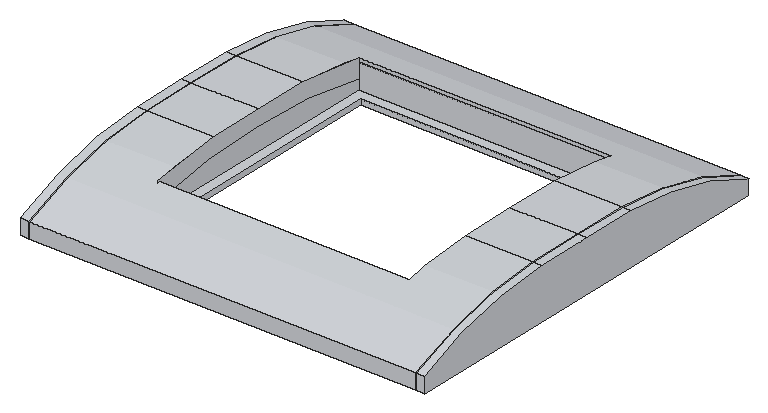
Revit family "Gira_021187", category Electrical Fixtures, host Face, Revit 2017
Family settings
  Host = Face
  Maintain Annotation Orientation = No
  Round Connector Dimension = Use Diameter
  Part Type = Normal
  Cut with Voids When Loaded = No
  Shared = No
  Room Calculation Point = No
Parameters (values of type "Cov.fr. 1-g interm.fr. AN Gira Event Opaque orange")
  With mounting grid = "No"
  With hinged lid = "No"
  URL = "http://katalog.gira.de/en/datenblatt.html?artikelnr=021187"
  Type of fastening = "Clamp mounting"
  Surface protection = "Other"
  Suitable for wall duct = "No"
  Suitable for flush-mounted installation = "Yes"
  Suitable for floor box = "No"
  Suitable for built-in installation = "No"
  Number of units vertical = "1"
  Number of units horizontal = "1"
  Number of units = "1"
  Name = "Cov.fr. 1-g interm.fr. AN Gira Event Opaque orange"
  Mounting direction = "Horizontal and vertical"
  Material quality = "Thermoplastic"
  Material = "Plastic"
  Manufacturer URL = "https://www.gira.de/"
  Manufacturer = "Gira"
  Label space/information surface = "No"
  Keynote = ""
  HeinzeBIM = "https://bimportal.heinze.de/bim/cov-fr-1-g-interm-fr-an-gira-event-opaque-orange/816a261a09d5164b4d586059493dec05555f97f3"
  Halogen free = "Yes"
  HAN = "021187"
  GTIN = "4010337211877"
  Description = "Cov.fr.1g i.fr.AN EvCl OR,Gira Event Opaque frames,orange with anthracite intermediate frame,1-gang,Features:,- Shatter-proof."
  Degree of protection (IP) = "IP20"
  Default Elevation = 1219.2 mm
  Data sheet (1) = "https://katalog.gira.de/en/download.html?artikelnr=021187"
  Colour = "Orange"
  Category = "Cover frame for domestic switching devices"
  BIM (1) = "https://media.stage.bim.site/public/gira/36a6b08/Event_Rahmen_1fach.rfa"
  Available = "No"
Reference planes
  plane 1 "Center (Front/Back)": y = 0
  plane 2: z = 0
  plane 3 "Center (Left/Right)": x = 0
Forms (mm)
  Extrusion 1, solid, detail levels fine
    sketch origin (0, 0, 1.55) x (0, 1, 0) y (0, 0, 1)
      loop
        arc (12.445, 9.683) -> (6.223, 9.833) -> (0, 9.85) r 291.636
        arc (0, 9.85) -> (-6.223, 9.833) -> (-12.445, 9.683) r 291.636
        arc (-12.445, 9.683) -> (-29.14, 7.482) -> (-45, 1.823) r 79.728
        line (-45, 1.823) -> (-45, -1.55) -> (-41.777, -1.55) -> (-41.777, -0.55)
        arc (-41.777, -0.55) -> (-21.205, 4.846) -> (0, 6.467) r 118.15
        arc (0, 6.467) -> (21.205, 4.846) -> (41.777, -0.55) r 118.15
        line (41.777, -0.55) -> (41.777, -1.55) -> (45, -1.55) -> (45, 1.823)
        arc (45, 1.823) -> (29.14, 7.482) -> (12.445, 9.683) r 79.728
    from -43 to 43
  Extrusion 2, void, detail levels fine
    sketch origin (0, 0, 0) x (1, 0, 0) y (0, 1, 0)
      loop
        line (-28, -28) -> (28, -28) -> (28, 28) -> (-28, 28) -> (-28, -28)
    from 2.85 to 12
  Extrusion 3, solid, detail levels coarse
    sketch origin (0, 0, 0) x (1, 0, 0) y (0, 1, 0)
      loop
        line (-45, 45) -> (-45, -45) -> (45, -45) -> (45, 45) -> (-45, 45)
    from 0 to 11.4
  Extrusion 4, solid, detail levels medium
    sketch origin (0, 0, 1.55) x (0, 1, 0) y (0, 0, 1)
      loop
        arc (12.445, 9.683) -> (6.223, 9.833) -> (0, 9.85) r 291.636
        arc (0, 9.85) -> (-6.223, 9.833) -> (-12.445, 9.683) r 291.636
        arc (-12.445, 9.683) -> (-29.14, 7.482) -> (-45, 1.823) r 79.728
        line (-45, 1.823) -> (-45, -1.55) -> (45, -1.55) -> (45, 1.823)
        arc (45, 1.823) -> (29.14, 7.482) -> (12.445, 9.683) r 79.728
    from -45 to 45
  Extrusion 5, solid, detail levels fine
    sketch origin (0, 0, 0) x (0, 1, 0) y (0, 0, 1)
      loop
        arc (45, 3.373) -> (29.14, 9.032) -> (12.445, 11.233) r 79.728
        arc (12.445, 11.233) -> (6.223, 11.383) -> (0, 11.4) r 291.636
        arc (0, 11.4) -> (-6.223, 11.383) -> (-12.445, 11.233) r 291.636
        arc (-12.445, 11.233) -> (-29.14, 9.032) -> (-45, 3.373) r 79.728
        line (-45, 3.373) -> (-45, 0) -> (45, 0) -> (45, 3.373)
    from 43 to 45
  Extrusion 6, solid, detail levels fine
    sketch origin (0, 0, 0) x (0, 1, 0) y (0, 0, -1)
      loop
        line (45, -3.373) -> (45, 0) -> (-45, 0) -> (-45, -3.373)
        arc (-45, -3.373) -> (-29.14, -9.032) -> (-12.445, -11.233) r 79.728
        arc (-12.445, -11.233) -> (-6.223, -11.383) -> (0, -11.4) r 291.636
        arc (0, -11.4) -> (6.223, -11.383) -> (12.445, -11.233) r 291.636
        arc (12.445, -11.233) -> (29.14, -9.032) -> (45, -3.373) r 79.728
    from 43 to 45
  Extrusion 7, solid, detail levels fine
    sketch origin (0, 0, 0) x (1, 0, 0) y (0, 1, 0)
      loop
        line (-25.7, 25.7) -> (-25.7, -25.7) -> (25.7, -25.7) -> (25.7, 25.7) -> (-25.7, 25.7)
      loop
        line (-29.495, 27.895) -> (-29.495, -27.895)
        spline (-29.495, -27.895) -> (-29.486, -28.025) -> (-29.461, -28.154) -> (-29.419, -28.278) -> (-29.361, -28.395) -> (-29.288, -28.504) -> (-29.202, -28.602) -> (-29.104, -28.688) -> (-28.995, -28.761) -> (-28.878, -28.819) -> (-28.754, -28.861) -> (-28.625, -28.886) -> (-28.495, -28.895)
        line (-28.495, -28.895) -> (28.495, -28.895)
        spline (28.495, -28.895) -> (28.625, -28.886) -> (28.754, -28.861) -> (28.878, -28.819) -> (28.995, -28.761) -> (29.104, -28.688) -> (29.202, -28.602) -> (29.288, -28.504) -> (29.361, -28.395) -> (29.419, -28.278) -> (29.461, -28.154) -> (29.486, -28.025) -> (29.495, -27.895)
        line (29.495, -27.895) -> (29.495, 27.895)
        spline (29.495, 27.895) -> (29.486, 28.025) -> (29.461, 28.154) -> (29.419, 28.278) -> (29.361, 28.395) -> (29.288, 28.504) -> (29.202, 28.602) -> (29.104, 28.688) -> (28.995, 28.761) -> (28.878, 28.819) -> (28.754, 28.861) -> (28.625, 28.886) -> (28.495, 28.895)
        line (28.495, 28.895) -> (-28.495, 28.895)
        spline (-28.495, 28.895) -> (-28.625, 28.886) -> (-28.754, 28.861) -> (-28.878, 28.819) -> (-28.995, 28.761) -> (-29.104, 28.688) -> (-29.202, 28.602) -> (-29.288, 28.504) -> (-29.361, 28.395) -> (-29.419, 28.278) -> (-29.461, 28.154) -> (-29.486, 28.025) -> (-29.495, 27.895)
    from 1.673 to 8.5
Cuts and joins
  Extrusion 2 cuts Extrusion 1
  Extrusion 2 cuts Extrusion 7
Dimensions and locks
  aligned and locked: plane 2 to host face
  aligned and locked: level to host face
